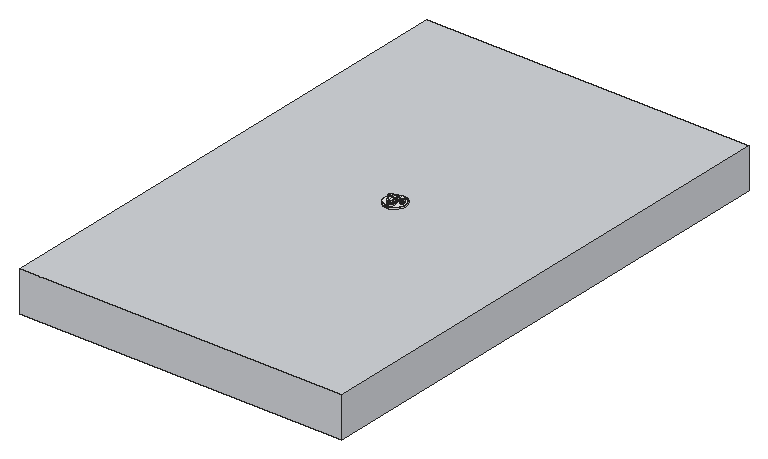
Revit family "Thermostatic_Trim-GROHE-GrohTherm_SmartControl-29138_Series", category Plumbing Fixtures, host Face, Revit 2018 (continued)
Automatic sketch dimensions
  plane 1 "Center (Front/Back)" to Extrusion 10 sketch curve = 0.05493"
  Extrusion 10 sketch curve to Extrusion 10 sketch curve = 0.08365"
  Extrusion 10 sketch curve to Extrusion 10 sketch curve = 0.08707"
  Extrusion 10 sketch curve to Extrusion 10 sketch curve = 0.09237"
  Extrusion 10 sketch curve to Extrusion 10 sketch curve = 0.09509"
  Extrusion 10 sketch curve to Extrusion 10 sketch curve = 0.09921"
  Extrusion 10 sketch curve to Extrusion 10 sketch curve = 0.10128"
  Extrusion 10 sketch curve to Extrusion 10 sketch curve = 0.10415"
  Extrusion 10 sketch curve to Extrusion 10 sketch curve = 0.10541"
  Extrusion 10 sketch curve to Extrusion 10 sketch curve = 0.10696"
  Extrusion 10 sketch curve to Extrusion 10 sketch curve = 0.10629"
  Extrusion 10 sketch curve to Extrusion 10 sketch curve = 0.10742"
  Extrusion 10 sketch curve to Extrusion 10 sketch curve = 0.09725"
  Extrusion 10 sketch curve to Extrusion 10 sketch curve = 0.09475"
  Extrusion 10 sketch curve to Extrusion 10 sketch curve = 0.08981"
  Extrusion 10 sketch curve to Extrusion 10 sketch curve = 0.08659"
  Extrusion 10 sketch curve to Extrusion 10 sketch curve = 0.08055"
  plane 15 to Extrusion 10 sketch curve = 0.05455"
  Extrusion 10 sketch curve to plane 15 = 0.04511"
  Extrusion 10 sketch curve to plane 15 = 0.05979"
  Extrusion 10 sketch curve to plane 15 = 0.07705"
  Extrusion 10 sketch curve to plane 15 = 0.09217"
  Extrusion 10 sketch curve to Extrusion 10 sketch curve = 0.13513"
  Extrusion 10 sketch curve to Extrusion 10 sketch curve = 0.00032"
  Extrusion 10 sketch curve to Extrusion 10 sketch curve = 0.01203"
  Extrusion 10 sketch curve to Extrusion 10 sketch curve = 0.01264"
  Extrusion 10 sketch curve to Extrusion 10 sketch curve = 0.02412"
  Extrusion 10 sketch curve to plane 16 = 0.01685"
  Extrusion 10 sketch curve to Extrusion 10 sketch curve = 0.02473"
  Extrusion 10 sketch curve to Extrusion 10 sketch curve = 0.03575"
  plane 16 to Extrusion 10 sketch curve = 0.06321"
  Extrusion 10 sketch curve to Extrusion 10 sketch curve = 0.04666"
  Extrusion 10 sketch curve to Extrusion 10 sketch curve = 0.0472"
  Extrusion 10 sketch curve to Extrusion 10 sketch curve = 0.05666"
  Extrusion 10 sketch curve to Extrusion 10 sketch curve = 0.05713"
  plane 1 "Center (Front/Back)" to Extrusion 10 sketch curve = 0.08411"
  Extrusion 10 sketch curve to Extrusion 10 sketch curve = 0.06594"
  plane 1 "Center (Front/Back)" to Extrusion 10 sketch curve = 0.03528"
  Extrusion 10 sketch curve to Extrusion 10 sketch curve = 0.07344"
  Extrusion 10 sketch curve to plane 1 "Center (Front/Back)" = 0.00281"
  Extrusion 10 sketch curve to Extrusion 10 sketch curve = 0.0795"
  Extrusion 10 sketch curve to plane 1 "Center (Front/Back)" = 0.02941"
  plane 15 to Extrusion 10 sketch curve = 0.06331"
  plane 15 to Extrusion 10 sketch curve = 0.05101"
  Extrusion 10 sketch curve to plane 1 "Center (Front/Back)" = 0.04399"
  plane 15 to Extrusion 10 sketch curve = 3/64"
  Extrusion 10 sketch curve to plane 1 "Center (Front/Back)" = 0.04625"
  plane 15 to Extrusion 10 sketch curve = 0.05305"
  Extrusion 10 sketch curve to plane 1 "Center (Front/Back)" = 0.03618"
  plane 15 to Extrusion 10 sketch curve = 0.07148"
  Extrusion 10 sketch curve to plane 1 "Center (Front/Back)" = 0.01393"
  Extrusion 10 sketch curve to Extrusion 10 sketch curve = 0.08252"
  plane 1 "Center (Front/Back)" to Extrusion 10 sketch curve = 0.02001"
  Extrusion 10 sketch curve to Extrusion 10 sketch curve = 0.07745"
  plane 1 "Center (Front/Back)" to Extrusion 10 sketch curve = 0.06501"
  Extrusion 10 sketch curve to Extrusion 10 sketch curve = 0.07086"
  Extrusion 10 sketch curve to Extrusion 10 sketch curve = 0.06847"
  Extrusion 10 sketch curve to Extrusion 10 sketch curve = 0.06285"
  Extrusion 10 sketch curve to Extrusion 10 sketch curve = 0.06005"
  Extrusion 10 sketch curve to Extrusion 10 sketch curve = 0.05361"
  Extrusion 10 sketch curve to Extrusion 10 sketch curve = 0.05045"
  plane 16 to Extrusion 10 sketch curve = 0.03444"
  Extrusion 10 sketch curve to Extrusion 10 sketch curve = 0.03984"
  Extrusion 10 sketch curve to plane 16 = 0.04739"
  Extrusion 10 sketch curve to Extrusion 10 sketch curve = 0.02846"
  Extrusion 10 sketch curve to Extrusion 10 sketch curve = 0.02033"
  Extrusion 10 sketch curve to Extrusion 10 sketch curve = 0.0165"
  plane 16 to Extrusion 12 sketch curve = 0.23165"
  Extrusion 12 sketch curve to plane 11 = 0.62505"
  Extrusion 12 sketch curve to Extrusion 12 sketch curve = 0.0072"
  Extrusion 12 sketch curve to Extrusion 12 sketch curve = 0.00796"
  Extrusion 12 sketch curve to Extrusion 12 sketch curve = 0.0222"
  plane 16 to Extrusion 12 sketch curve = 0.01895"
  Extrusion 12 sketch curve to Extrusion 12 sketch curve = 0.02296"
  Extrusion 12 sketch curve to Extrusion 12 sketch curve = 0.03679"
  Extrusion 12 sketch curve to plane 16 = 21/256"
  Extrusion 12 sketch curve to Extrusion 12 sketch curve = 0.03749"
  Extrusion 12 sketch curve to Extrusion 12 sketch curve = 0.05062"
  Extrusion 12 sketch curve to Extrusion 12 sketch curve = 0.0513"
  Extrusion 12 sketch curve to plane 1 "Center (Front/Back)" = 0.0845"
  Extrusion 12 sketch curve to Extrusion 12 sketch curve = 0.06348"
  Extrusion 12 sketch curve to Extrusion 12 sketch curve = 0.06407"
  Extrusion 12 sketch curve to plane 1 "Center (Front/Back)" = 0.00722"
  Extrusion 12 sketch curve to Extrusion 12 sketch curve = 0.07504"
  Extrusion 12 sketch curve to plane 15 = 0.09735"
  Extrusion 12 sketch curve to Extrusion 12 sketch curve = 0.07561"
  Extrusion 12 sketch curve to Extrusion 12 sketch curve = 0.08517"
  Extrusion 12 sketch curve to plane 15 = 0.03197"
  Extrusion 12 sketch curve to Extrusion 12 sketch curve = 0.08561"
  Extrusion 12 sketch curve to Extrusion 12 sketch curve = 0.09356"
  plane 15 to Extrusion 12 sketch curve = 0.02076"
  Extrusion 12 sketch curve to Extrusion 12 sketch curve = 0.09396"
  Extrusion 12 sketch curve to Extrusion 12 sketch curve = 0.10015"
  Extrusion 12 sketch curve to Extrusion 12 sketch curve = 0.1004"
  Extrusion 12 sketch curve to Extrusion 12 sketch curve = 0.10471"
  plane 15 to Extrusion 12 sketch curve = 0.02979"
  Extrusion 12 sketch curve to Extrusion 12 sketch curve = 0.10432"
  Extrusion 12 sketch curve to Extrusion 12 sketch curve = 0.08094"
  Extrusion 12 sketch curve to Extrusion 12 sketch curve = 0.10725"
  Extrusion 12 sketch curve to Extrusion 12 sketch curve = 0.09517"
  Extrusion 12 sketch curve to Extrusion 12 sketch curve = 0.10761"
  Extrusion 12 sketch curve to Extrusion 12 sketch curve = 0.10669"
  Extrusion 12 sketch curve to Extrusion 12 sketch curve = 0.10591"
  plane 15 to Extrusion 12 sketch curve = 0.04712"
  Extrusion 12 sketch curve to Extrusion 12 sketch curve = 0.10348"
  Extrusion 12 sketch curve to Extrusion 12 sketch curve = 0.10204"
  plane 15 to Extrusion 12 sketch curve = 0.00295"
  Extrusion 12 sketch curve to Extrusion 12 sketch curve = 0.09828"
  Extrusion 12 sketch curve to Extrusion 12 sketch curve = 0.09622"
  Extrusion 12 sketch curve to plane 17 = 0.07786"
  plane 1 "Center (Front/Back)" to Extrusion 12 sketch curve = 0.01839"
  Extrusion 12 sketch curve to plane 17 = 0.0508"
  plane 17 to Extrusion 12 sketch curve = 0.00429"
  plane 17 to Extrusion 12 sketch curve = 0.02815"
  plane 17 to Extrusion 12 sketch curve = 0.07581"
  plane 17 to Extrusion 12 sketch curve = 0.09602"
  Extrusion 12 sketch curve to Extrusion 12 sketch curve = 0.05953"
  Extrusion 12 sketch curve to Extrusion 12 sketch curve = 0.05547"
  Extrusion 12 sketch curve to plane 16 = 0.04562"
  Extrusion 12 sketch curve to Extrusion 12 sketch curve = 0.04633"
  Extrusion 12 sketch curve to Extrusion 12 sketch curve = 0.04195"
  plane 16 to Extrusion 12 sketch curve = 0.0572"
  Extrusion 12 sketch curve to Extrusion 12 sketch curve = 0.03224"
  Extrusion 12 sketch curve to Extrusion 12 sketch curve = 0.02762"
  Extrusion 12 sketch curve to Extrusion 12 sketch curve = 0.01749"
  Extrusion 12 sketch curve to Extrusion 12 sketch curve = 0.01273"
  plane 1 "Center (Front/Back)" to Extrusion 12 sketch curve = 0.05879"
  plane 1 "Center (Front/Back)" to Extrusion 12 sketch curve = 0.07989"
  Extrusion 12 sketch curve to Extrusion 12 sketch curve = 0.05339"
  Extrusion 12 sketch curve to Extrusion 12 sketch curve = 0.0485"
  Extrusion 12 sketch curve to Extrusion 12 sketch curve = 0.03974"
  Extrusion 12 sketch curve to Extrusion 12 sketch curve = 0.03451"
  Extrusion 12 sketch curve to Extrusion 12 sketch curve = 0.02529"
  Extrusion 12 sketch curve to Extrusion 12 sketch curve = 0.01986"
  Extrusion 12 sketch curve to Extrusion 12 sketch curve = 0.0048"
  Extrusion 12 sketch curve to plane 1 "Center (Front/Back)" = 0.05493"
  Extrusion 12 sketch curve to Extrusion 12 sketch curve = 0.08365"
  Extrusion 12 sketch curve to Extrusion 12 sketch curve = 0.08707"
  Extrusion 12 sketch curve to Extrusion 12 sketch curve = 0.09237"
  Extrusion 12 sketch curve to Extrusion 12 sketch curve = 0.09509"
  Extrusion 12 sketch curve to Extrusion 12 sketch curve = 0.09921"
  Extrusion 12 sketch curve to Extrusion 12 sketch curve = 0.10128"
  Extrusion 12 sketch curve to Extrusion 12 sketch curve = 0.10415"
  Extrusion 12 sketch curve to Extrusion 12 sketch curve = 0.10541"
  Extrusion 12 sketch curve to Extrusion 12 sketch curve = 0.10696"
  Extrusion 12 sketch curve to Extrusion 12 sketch curve = 0.10629"
  Extrusion 12 sketch curve to Extrusion 12 sketch curve = 0.10742"
  Extrusion 12 sketch curve to Extrusion 12 sketch curve = 0.09725"
  Extrusion 12 sketch curve to Extrusion 12 sketch curve = 0.09475"
  Extrusion 12 sketch curve to Extrusion 12 sketch curve = 0.08981"
  Extrusion 12 sketch curve to Extrusion 12 sketch curve = 0.08659"
  Extrusion 12 sketch curve to Extrusion 12 sketch curve = 0.08055"
  Extrusion 12 sketch curve to plane 15 = 0.05455"
  plane 15 to Extrusion 12 sketch curve = 0.04511"
  plane 15 to Extrusion 12 sketch curve = 0.05979"
  plane 15 to Extrusion 12 sketch curve = 0.07705"
  plane 15 to Extrusion 12 sketch curve = 0.09217"
  Extrusion 12 sketch curve to Extrusion 12 sketch curve = 0.14232"
  Extrusion 12 sketch curve to Extrusion 12 sketch curve = 0.00032"
  Extrusion 12 sketch curve to Extrusion 12 sketch curve = 0.01203"
  Extrusion 12 sketch curve to Extrusion 12 sketch curve = 0.01264"
  Extrusion 12 sketch curve to Extrusion 12 sketch curve = 0.02412"
  plane 16 to Extrusion 12 sketch curve = 0.01685"
  Extrusion 12 sketch curve to Extrusion 12 sketch curve = 0.02473"
  Extrusion 12 sketch curve to Extrusion 12 sketch curve = 0.03575"
  Extrusion 12 sketch curve to plane 16 = 0.06321"
  Extrusion 12 sketch curve to Extrusion 12 sketch curve = 0.04666"
  Extrusion 12 sketch curve to Extrusion 12 sketch curve = 0.0472"
  Extrusion 12 sketch curve to Extrusion 12 sketch curve = 0.05666"
  Extrusion 12 sketch curve to Extrusion 12 sketch curve = 0.05713"
  Extrusion 12 sketch curve to plane 1 "Center (Front/Back)" = 0.08411"
  Extrusion 12 sketch curve to Extrusion 12 sketch curve = 0.06594"
  Extrusion 12 sketch curve to plane 1 "Center (Front/Back)" = 0.03528"
  Extrusion 12 sketch curve to Extrusion 12 sketch curve = 0.07344"
  plane 1 "Center (Front/Back)" to Extrusion 12 sketch curve = 0.00281"
  Extrusion 12 sketch curve to Extrusion 12 sketch curve = 0.0795"
  plane 1 "Center (Front/Back)" to Extrusion 12 sketch curve = 0.02941"
  Extrusion 12 sketch curve to plane 15 = 0.06331"
  Extrusion 12 sketch curve to plane 15 = 0.05101"
  plane 1 "Center (Front/Back)" to Extrusion 12 sketch curve = 0.04399"
  Extrusion 12 sketch curve to plane 15 = 3/64"
  plane 1 "Center (Front/Back)" to Extrusion 12 sketch curve = 0.04625"
  Extrusion 12 sketch curve to plane 15 = 0.05305"
  plane 1 "Center (Front/Back)" to Extrusion 12 sketch curve = 0.03618"
  Extrusion 12 sketch curve to plane 15 = 0.07148"
  plane 1 "Center (Front/Back)" to Extrusion 12 sketch curve = 0.01393"
  Extrusion 12 sketch curve to Extrusion 12 sketch curve = 0.08252"
  Extrusion 12 sketch curve to plane 1 "Center (Front/Back)" = 0.02001"
  Extrusion 12 sketch curve to Extrusion 12 sketch curve = 0.07745"
  Extrusion 12 sketch curve to plane 1 "Center (Front/Back)" = 0.06501"
  Extrusion 12 sketch curve to Extrusion 12 sketch curve = 0.07086"
  Extrusion 12 sketch curve to Extrusion 12 sketch curve = 0.06847"
  Extrusion 12 sketch curve to plane 17 = 0.06392"
  Extrusion 12 sketch curve to plane 17 = 0.04589"
  Extrusion 12 sketch curve to plane 17 = 0.01031"
  plane 17 to Extrusion 12 sketch curve = 0.00456"
  plane 17 to Extrusion 12 sketch curve = 0.03299"
  plane 17 to Extrusion 12 sketch curve = 0.0444"
  plane 16 to Extrusion 12 sketch curve = 0.04739"
  plane 17 to Extrusion 12 sketch curve = 0.07287"
  plane 17 to Extrusion 12 sketch curve = 0.08546"
  Extrusion 12 sketch curve to Extrusion 12 sketch curve = 0.0165"
  Extrusion 14 sketch curve to plane 3 "Center (Left/Right)" = 0"
  Extrusion 14 sketch curve to plane 3 "Center (Left/Right)" = 0.01977"
  Extrusion 14 sketch curve to plane 3 "Center (Left/Right)" = 0.04131"
  Extrusion 14 sketch curve to plane 5 = 0.02851"
  Extrusion 14 sketch curve to plane 5 = 0.02373"
  plane 5 to Extrusion 14 sketch curve = 0.07582"
  plane 5 to Extrusion 14 sketch curve = 0.08098"
  plane 15 to Extrusion 14 sketch curve = 0.02076"
  Extrusion 14 sketch curve to Extrusion 14 sketch curve = 0.1004"
  Extrusion 14 sketch curve to Extrusion 14 sketch curve = 0.10015"
  Extrusion 14 sketch curve to Extrusion 14 sketch curve = 0.09396"
  plane 1 "Center (Front/Back)" to Extrusion 14 sketch curve = 0.05879"
  Extrusion 14 sketch curve to Extrusion 14 sketch curve = 0.09356"
  Extrusion 14 sketch curve to Extrusion 14 sketch curve = 0.08561"
  Extrusion 14 sketch curve to plane 1 "Center (Front/Back)" = 0.00722"
  Extrusion 14 sketch curve to Extrusion 14 sketch curve = 0.08517"
  Extrusion 14 sketch curve to Extrusion 14 sketch curve = 0.07561"
  Extrusion 14 sketch curve to Extrusion 14 sketch curve = 0.07504"
  Extrusion 14 sketch curve to Extrusion 14 sketch curve = 0.06407"
  Extrusion 14 sketch curve to Extrusion 14 sketch curve = 0.06348"
  Extrusion 14 sketch curve to Extrusion 14 sketch curve = 0.0513"
  Extrusion 14 sketch curve to Extrusion 14 sketch curve = 0.05062"
  plane 16 to Extrusion 14 sketch curve = 0.01895"
  Extrusion 14 sketch curve to Extrusion 14 sketch curve = 0.03749"
  Extrusion 14 sketch curve to Extrusion 14 sketch curve = 0.03679"
  Extrusion 14 sketch curve to Extrusion 14 sketch curve = 0.02296"
  Extrusion 14 sketch curve to Extrusion 14 sketch curve = 0.0222"
  Extrusion 14 sketch curve to Extrusion 14 sketch curve = 0.00796"
  plane 3 "Center (Left/Right)" to Extrusion 14 sketch curve = 0.05386"
  Extrusion 14 sketch curve to plane 6 = 0.06291"
  plane 6 to Extrusion 14 sketch curve = 0.00979"
  plane 6 to Extrusion 14 sketch curve = 0.043"
  plane 15 to Extrusion 14 sketch curve = 0.04712"
  Extrusion 14 sketch curve to Extrusion 14 sketch curve = 0.10348"
  Extrusion 14 sketch curve to Extrusion 14 sketch curve = 0.10204"
  plane 15 to Extrusion 14 sketch curve = 0.00295"
  Extrusion 14 sketch curve to Extrusion 14 sketch curve = 0.09828"
  Extrusion 14 sketch curve to Extrusion 14 sketch curve = 0.09622"
  Extrusion 14 sketch curve to Extrusion 14 sketch curve = 0.09109"
  plane 1 "Center (Front/Back)" to Extrusion 14 sketch curve = 0.01839"
  Extrusion 14 sketch curve to Extrusion 14 sketch curve = 0.08844"
  Extrusion 14 sketch curve to Extrusion 14 sketch curve = 0.08214"
  Extrusion 14 sketch curve to Extrusion 14 sketch curve = 0.07896"
  Extrusion 14 sketch curve to Extrusion 14 sketch curve = 0.07152"
  Extrusion 14 sketch curve to Extrusion 14 sketch curve = 0.06787"
  Extrusion 14 sketch curve to Extrusion 14 sketch curve = 0.05953"
  Extrusion 14 sketch curve to Extrusion 14 sketch curve = 0.05547"
  Extrusion 14 sketch curve to plane 16 = 0.04562"
  Extrusion 14 sketch curve to Extrusion 14 sketch curve = 0.04633"
  Extrusion 14 sketch curve to Extrusion 14 sketch curve = 0.04195"
  plane 16 to Extrusion 14 sketch curve = 0.0572"
  Extrusion 14 sketch curve to Extrusion 14 sketch curve = 0.03224"
  Extrusion 14 sketch curve to Extrusion 14 sketch curve = 0.02762"
  Extrusion 14 sketch curve to Extrusion 14 sketch curve = 0.01749"
  Extrusion 14 sketch curve to Extrusion 14 sketch curve = 0.01273"
  plane 1 "Center (Front/Back)" to Extrusion 14 sketch curve = 0.07989"
  Extrusion 14 sketch curve to Extrusion 14 sketch curve = 0.05339"
  Extrusion 14 sketch curve to Extrusion 14 sketch curve = 0.0485"
  Extrusion 14 sketch curve to Extrusion 14 sketch curve = 0.03974"
  Extrusion 14 sketch curve to Extrusion 14 sketch curve = 0.03451"
  Extrusion 14 sketch curve to Extrusion 14 sketch curve = 0.02529"
  Extrusion 14 sketch curve to Extrusion 14 sketch curve = 0.01986"
  Extrusion 14 sketch curve to Extrusion 14 sketch curve = 0.0048"
  Extrusion 14 sketch curve to plane 1 "Center (Front/Back)" = 0.05493"
  Extrusion 14 sketch curve to plane 1 "Center (Front/Back)" = 0.0845"
  Extrusion 14 sketch curve to Extrusion 14 sketch curve = 0.08365"
  Extrusion 14 sketch curve to Extrusion 14 sketch curve = 0.08707"
  Extrusion 14 sketch curve to Extrusion 14 sketch curve = 0.09237"
  Extrusion 14 sketch curve to Extrusion 14 sketch curve = 0.09509"
  Extrusion 14 sketch curve to Extrusion 14 sketch curve = 0.09921"
  Extrusion 14 sketch curve to Extrusion 14 sketch curve = 0.10128"
  Extrusion 14 sketch curve to Extrusion 14 sketch curve = 0.10415"
  Extrusion 14 sketch curve to Extrusion 14 sketch curve = 0.10541"
  Extrusion 14 sketch curve to Extrusion 14 sketch curve = 0.10696"
  Extrusion 14 sketch curve to Extrusion 14 sketch curve = 0.10751"
  Extrusion 14 sketch curve to Extrusion 14 sketch curve = 0.10629"
  Extrusion 14 sketch curve to Extrusion 14 sketch curve = 0.10742"
  Extrusion 14 sketch curve to plane 16 = 21/256"
  Extrusion 14 sketch curve to Extrusion 14 sketch curve = 0.09725"
  Extrusion 14 sketch curve to Extrusion 14 sketch curve = 0.09475"
  Extrusion 14 sketch curve to Extrusion 14 sketch curve = 0.08981"
  Extrusion 14 sketch curve to Extrusion 14 sketch curve = 0.08659"
  Extrusion 14 sketch curve to Extrusion 14 sketch curve = 0.08055"
  Extrusion 14 sketch curve to plane 15 = 0.09735"
  Extrusion 14 sketch curve to plane 15 = 0.05455"
  Extrusion 14 sketch curve to plane 15 = 0.03197"
  plane 15 to Extrusion 14 sketch curve = 0.02979"
  plane 15 to Extrusion 14 sketch curve = 0.04511"
  plane 15 to Extrusion 14 sketch curve = 0.05979"
  plane 15 to Extrusion 14 sketch curve = 0.07705"
  plane 15 to Extrusion 14 sketch curve = 0.09217"
  Extrusion 14 sketch curve to plane 3 "Center (Left/Right)" = 0.06004"
  Extrusion 14 sketch curve to plane 3 "Center (Left/Right)" = 0.07178"
  Extrusion 14 sketch curve to plane 5 = 0.00832"
  Extrusion 14 sketch curve to plane 5 = 0.00402"
  plane 5 to Extrusion 14 sketch curve = 0.07565"
  plane 1 "Center (Front/Back)" to Extrusion 14 sketch curve = 0.00281"
  plane 5 to Extrusion 14 sketch curve = 0.07977"
  Extrusion 14 sketch curve to Extrusion 14 sketch curve = 0.0795"
  Extrusion 14 sketch curve to plane 1 "Center (Front/Back)" = 0.03528"
  Extrusion 14 sketch curve to Extrusion 14 sketch curve = 0.07344"
  Extrusion 14 sketch curve to plane 1 "Center (Front/Back)" = 0.08411"
  Extrusion 14 sketch curve to Extrusion 14 sketch curve = 0.06594"
  Extrusion 14 sketch curve to Extrusion 14 sketch curve = 0.06552"
  Extrusion 14 sketch curve to Extrusion 14 sketch curve = 0.05713"
  Extrusion 14 sketch curve to Extrusion 14 sketch curve = 0.05666"
  Extrusion 14 sketch curve to plane 16 = 0.06321"
  Extrusion 14 sketch curve to Extrusion 14 sketch curve = 0.0472"
  Extrusion 14 sketch curve to Extrusion 14 sketch curve = 0.04666"
  plane 16 to Extrusion 14 sketch curve = 0.01685"
  Extrusion 14 sketch curve to Extrusion 14 sketch curve = 0.03575"
  Extrusion 14 sketch curve to Extrusion 14 sketch curve = 0.02473"
  Extrusion 14 sketch curve to Extrusion 14 sketch curve = 0.02412"
  Extrusion 14 sketch curve to Extrusion 14 sketch curve = 0.01264"
  plane 3 "Center (Left/Right)" to Extrusion 14 sketch curve = 0.02784"
  Extrusion 14 sketch curve to plane 15 = 0.05305"
  Extrusion 14 sketch curve to plane 6 = 0.03558"
  plane 6 to Extrusion 14 sketch curve = 0.0229"
  plane 1 "Center (Front/Back)" to Extrusion 14 sketch curve = 0.01393"
  Extrusion 14 sketch curve to Extrusion 14 sketch curve = 0.08252"
  Extrusion 14 sketch curve to plane 1 "Center (Front/Back)" = 0.02001"
  Extrusion 14 sketch curve to Extrusion 14 sketch curve = 0.07745"
  Extrusion 14 sketch curve to plane 1 "Center (Front/Back)" = 0.06501"
  Extrusion 14 sketch curve to Extrusion 14 sketch curve = 0.07086"
  Extrusion 14 sketch curve to Extrusion 14 sketch curve = 0.06847"
  Extrusion 14 sketch curve to Extrusion 14 sketch curve = 0.06285"
  Extrusion 14 sketch curve to Extrusion 14 sketch curve = 0.06005"
  Extrusion 14 sketch curve to Extrusion 14 sketch curve = 0.05361"
  Extrusion 14 sketch curve to Extrusion 14 sketch curve = 0.05045"
  Extrusion 14 sketch curve to plane 16 = 0.03444"
  Extrusion 14 sketch curve to Extrusion 14 sketch curve = 0.03984"
  plane 16 to Extrusion 14 sketch curve = 0.04739"
  Extrusion 14 sketch curve to Extrusion 14 sketch curve = 0.02846"
  Extrusion 14 sketch curve to Extrusion 14 sketch curve = 0.02033"
  Extrusion 14 sketch curve to Extrusion 14 sketch curve = 0.0165"
  curve 64 to curve 65 = 0"  (x2)
  plane 11 to curve 6 = 0"
  curve 108 to plane 4 = 0"
  curve 64 to plane 3 "Center (Left/Right)" = 0"
  curve 75 to plane 3 "Center (Left/Right)" = 0"
  curve 6 to plane 10 = 0"
  curve 91 to plane 11 = 0.76598"
  curve 88 to curve 92 = 0.09198"
  plane 17 to curve 87 = 3/32"
  plane 5 to curve 87 = 0.47425"
  curve 41 to curve 42 = 0.09198"
  curve 65 to curve 47 = 0.09198"
  curve 71 to curve 5 = 0.19934"
  curve 21 to plane 10 = 0.85796"
  curve 15 to plane 10 = 0.76598"
  curve 16 to curve 16 = 0.09198"
  curve 64 to level = 2.45352"
  curve 15 to curve 15 = 0.15091"
  curve 42 to plane 7 = 0.57247"
  curve 91 to plane 7 = 0.57247"
  curve 16 to plane 7 = 0.57247"
  curve 43 to curve 48 = 0.0531"
  curve 16 to curve 21 = 0.0531"
  curve 75 to plane 7 = 0.51937"
  curve 88 to curve 92 = 0.0531"
  curve 88 to curve 108 = 0"
  curve 88 to curve 90 = 0"
  curve 89 to curve 108 = 0"
  curve 90 to curve 107 = 0.07776"
  curve 107 to curve 106 = 0.07815"
  curve 106 to curve 105 = 0.07815"
  curve 105 to curve 104 = 0.07815"
  curve 104 to curve 103 = 0.07815"
  curve 103 to curve 102 = 0.07815"
  curve 102 to curve 101 = 0.07815"
  curve 101 to curve 100 = 0.07815"
  curve 100 to curve 99 = 0.07815"
  curve 99 to curve 98 = 0.07815"
  curve 98 to curve 97 = 0.07815"
  curve 97 to curve 96 = 0.07815"
  curve 96 to curve 95 = 0.07815"
  curve 94 to plane 17 = 0.06255"
  plane 17 to curve 92 = 0.00177"
  plane 17 to curve 93 = 0.0156"
  curve 93 to curve 90 = 0.07815"
  curve 93 to curve 89 = 0.07815"
  curve 91 to curve 90 = 0"
  plane 17 to curve 3 = 0.23498"
  plane 17 to curve 86 = 0.23498"
  curve 3 to curve 4 = 0"  (x2)
  curve 4 to curve 70 = 0.0138"
  curve 70 to curve 85 = 0.04432"
  curve 85 to curve 84 = 0"
  curve 70 to curve 69 = 0.07815"
  curve 2 to plane 7 = 0.02601"
  curve 69 to curve 2 = 0.02482"
  curve 69 to curve 68 = 0.07815"
  curve 68 to curve 67 = 0.07815"
  curve 67 to curve 66 = 0.07815"
  curve 66 to curve 83 = 0.07815"
  curve 45 to curve 63 = 0.07776"
  curve 83 to curve 82 = 0.07815"
  curve 63 to curve 62 = 0.07815"
  curve 82 to curve 81 = 0.07815"
  curve 62 to curve 61 = 0.07815"
  curve 81 to curve 80 = 0.07815"
  curve 61 to curve 60 = 0.07815"
  curve 80 to curve 75 = 0.02698"
  plane 5 to curve 14 = 0.0999"
  curve 60 to curve 59 = 0.07815"
  plane 5 to curve 13 = 0.02176"
  plane 5 to curve 58 = 0.00574"
  curve 12 to plane 5 = 0.05639"
  curve 57 to plane 5 = 0.07241"
  curve 11 to plane 3 "Center (Left/Right)" = 0.01621"
  curve 56 to plane 3 "Center (Left/Right)" = 0.0002"
  plane 3 "Center (Left/Right)" to curve 10 = 0.06194"
  curve 55 to plane 6 = 0.0728"
  curve 9 to plane 6 = 0.01066"
  plane 6 to curve 54 = 0.00535"
  plane 6 to curve 8 = 0.06749"
  curve 54 to curve 53 = 0.07815"
  curve 8 to curve 7 = 0.07815"
  curve 53 to curve 52 = 0.07815"
  curve 7 to curve 79 = 0.07815"
  curve 52 to curve 51 = 0.07815"
  curve 79 to curve 78 = 0.07815"
  curve 51 to curve 50 = 0.07815"
  curve 64 to curve 44 = 0.01739"
  curve 78 to curve 77 = 0.07815"
  curve 50 to curve 49 = 0.07815"
  curve 76 to curve 43 = 0.01601"
  curve 73 to curve 40 = 0.06214"
  curve 40 to curve 39 = 0.07815"
  curve 39 to curve 38 = 0.07815"
  curve 38 to curve 2 = 0.0076"
  curve 37 to curve 73 = 0.04621"
  curve 37 to curve 4 = 0.04621"
  curve 73 to curve 19 = 0.14123"
  curve 20 to curve 19 = 0"
  curve 19 to curve 22 = 0.07815"
  curve 20 to curve 21 = 0.09198"
  curve 22 to curve 23 = 0.07815"
  curve 23 to curve 24 = 0.07815"
  curve 24 to curve 25 = 0.07815"
  curve 25 to curve 26 = 0.07815"
  curve 26 to curve 27 = 0.07815"
  curve 27 to curve 28 = 0.07815"
  curve 28 to curve 29 = 0.07815"
  curve 29 to curve 30 = 0.07815"
  curve 30 to curve 31 = 0.07815"
  curve 31 to curve 32 = 0.07815"
  curve 32 to curve 33 = 0.07815"
  curve 33 to curve 34 = 0.07815"
  curve 34 to curve 35 = 0.07815"
  curve 35 to curve 36 = 0.07815"
  curve 16 to curve 19 = 0"
  curve 6 to plane 4 = 0.09472"
  plane 4 to curve 60 = 0.15091"
  plane 4 to curve 107 = 0.15091"
  curve 45 to curve 71 = 0.17623"
  curve 45 to curve 84 = 0.17623"
  curve 71 to curve 72 = 0.03589"
  curve 84 to curve 85 = 0.03589"
  curve 72 to curve 40 = 0.09136"
  curve 85 to curve 68 = 0.09136"
  curve 27 to curve 21 = 0.10564"
  curve 90 to curve 91 = 0.05253"
  curve 49 to curve 76 = 0.06178"
  curve 10 to curve 10 = 0.0401"
  curve 4 to curve 3 = 0.03991"
  Revolve 3 sketch curve to plane 13 = 0"  (x3)
  Revolve 3 sketch curve to plane 7 = 0"
  Revolve 3 sketch curve to plane 14 = 0"  (x3)
  Revolve 3 sketch curve to Revolve 3 sketch curve = 0.05807"
  Revolve 3 sketch curve to plane 7 = 0.02601"
  Revolve 3 sketch curve to Revolve 3 sketch curve = 0.11672"
  Revolve 3 sketch curve to plane 4 = 0.09472"
  plane 4 to Revolve 3 sketch curve = 0.32714"
  Revolve 3 sketch curve to Revolve 3 sketch curve = 0.03589"
  plane 4 to Revolve 3 sketch curve = 0.4544"
  Revolve 3 sketch curve to Revolve 3 sketch curve = 0.18269"
  Revolve 3 sketch curve to Revolve 3 sketch curve = 0.03996"
  Revolve 3 sketch curve to Revolve 3 sketch curve = 0.32959"
  Revolve 3 sketch curve to Revolve 3 sketch curve = 0.15336"
  Masking region 1 sketch curve to level = 0"
  plane 11 to Masking region 1 sketch curve = 0"
  Masking region 1 sketch curve to plane 4 = 0"  (x4)
  Masking region 1 sketch curve to plane 3 "Center (Left/Right)" = 0"
  Masking region 1 sketch curve to plane 10 = 0"
  Masking region 1 sketch curve to plane 11 = 0.09472"
  Masking region 1 sketch curve to Masking region 1 sketch curve = 0.67126"
  Masking region 1 sketch curve to Masking region 1 sketch curve = 0.09198"  (x3)
  Masking region 1 sketch curve to plane 17 = 17/32"
  plane 17 to Masking region 1 sketch curve = 0.00177"
  plane 17 to Masking region 1 sketch curve = 3/32"
  Masking region 1 sketch curve to Masking region 1 sketch curve = 0.14123"  (x2)
  Masking region 1 sketch curve to Masking region 1 sketch curve = 0"  (x2)
  Masking region 1 sketch curve to Masking region 1 sketch curve = 0.05812"
  Masking region 1 sketch curve to plane 7 = 0.02601"  (x2)
  Masking region 1 sketch curve to Masking region 1 sketch curve = 0.11676"  (x2)
  plane 4 to Masking region 1 sketch curve = 0.36303"
  plane 6 to Masking region 1 sketch curve = 0.75893"
  Masking region 1 sketch curve to plane 7 = 0.51937"  (x2)
  Masking region 1 sketch curve to plane 10 = 1.39098"
  Masking region 1 sketch curve to plane 10 = 0.09472"
  Masking region 1 sketch curve to level = 2.45352"  (x2)
  Masking region 1 sketch curve to Masking region 1 sketch curve = 9.67529"
  Masking region 1 sketch curve to plane 4 = 0.09472"  (x2)
  Masking region 1 sketch curve to Masking region 1 sketch curve = 0.03589"  (x2)
  plane 4 to Masking region 1 sketch curve = 0.32714"
  Masking region 1 sketch curve to Masking region 1 sketch curve = 0.0531"  (x3)
  Masking region 1 sketch curve to Masking region 1 sketch curve = 0.37699"
  Masking region 1 sketch curve to plane 7 = 0.57247"
  Masking region 1 sketch curve to plane 7 = 0.14277"  (x2)
  Revolve 9 sketch curve to plane 7 = 0"
  plane 1 "Center (Front/Back)" to Revolve 9 sketch curve = 3/64"  (x2)
  Revolve 9 sketch curve to plane 1 "Center (Front/Back)" = 0.0451"
  plane 16 to Revolve 9 sketch curve = 15/64"  (x3)
  Revolve 9 sketch curve to Revolve 9 sketch curve = 0.48227"
  Revolve 9 sketch curve to Revolve 9 sketch curve = 0.0371"
  Revolve 9 sketch curve to Revolve 9 sketch curve = 0.0531"
  Revolve 9 sketch curve to Revolve 9 sketch curve = 0.14274"
  plane 4 to Revolve 9 sketch curve = 0.15091"
  Revolve 9 sketch curve to plane 4 = 0.09472"
  plane 7 to Revolve 9 sketch curve = 0.26429"
  Revolve 11 sketch curve to plane 7 = 0"
  plane 1 "Center (Front/Back)" to Revolve 11 sketch curve = 3/64"  (x2)
  Revolve 11 sketch curve to plane 1 "Center (Front/Back)" = 0.0451"
  plane 16 to Revolve 11 sketch curve = 15/64"  (x3)
  Revolve 11 sketch curve to Revolve 11 sketch curve = 0.48227"
  Revolve 11 sketch curve to Revolve 11 sketch curve = 0.0371"
  Revolve 11 sketch curve to Revolve 11 sketch curve = 0.0531"
  Revolve 11 sketch curve to Revolve 11 sketch curve = 0.14274"
  plane 4 to Revolve 11 sketch curve = 0.15091"
  Revolve 11 sketch curve to plane 4 = 0.09472"
  plane 7 to Revolve 11 sketch curve = 0.26429"
  Revolve 13 sketch curve to plane 7 = 0"
  plane 1 "Center (Front/Back)" to Revolve 13 sketch curve = 3/64"  (x2)
  Revolve 13 sketch curve to plane 1 "Center (Front/Back)" = 0.0451"
  plane 16 to Revolve 13 sketch curve = 15/64"  (x3)
  Revolve 13 sketch curve to Revolve 13 sketch curve = 0.48227"
  Revolve 13 sketch curve to Revolve 13 sketch curve = 0.0371"
  Revolve 13 sketch curve to Revolve 13 sketch curve = 0.0531"
  Revolve 13 sketch curve to Revolve 13 sketch curve = 0.14274"
  plane 4 to Revolve 13 sketch curve = 0.15091"
  Revolve 13 sketch curve to plane 4 = 0.09472"
  plane 7 to Revolve 13 sketch curve = 0.26429"
  Revolve 15 sketch curve to level = 0"
  Revolve 15 sketch curve to plane 1 "Center (Front/Back)" = 0"  (x2)
  Revolve 15 sketch curve to plane 4 = 0"
  Revolve 15 sketch curve to plane 9 = 0"
  Revolve 15 sketch curve to plane 9 = 0.09472"
  Revolve 15 sketch curve to plane 4 = 0.09472"
  plane 7 to Revolve 15 sketch curve = 0.49142"
  Revolve 15 sketch curve to Revolve 15 sketch curve = 0.19608"
  radius of Extrusion 7 sketch curve = 0.30299"
Connectors (in)
  piping at (-0.81362, 0, 0), diameter 0.5, driven by "Hot Water Connection Diameter", driven by "HWFU"
    settings: on Extrusion 2, index 1, connector inside diameter 24", connector length 0", flow factor 0, pipe flow 0 GPM, pressure drop 0.00 psi, fitting loss kfactor 0, connector angle 0.00°, fixture units 3, engagement length 0", angle of deflection 0.00°, flow configuration 3, flow direction 1, fitting loss method 0, system type 19, joint type 0, gender type 0, connector reference index -1, connector utility 0, adjustable connector no, is connector primary yes, connector description "1/2\" NPT HW Inlet"
  piping at (0.81362, 0, 0), diameter 0.5, driven by "Cold Water Connection Diameter", driven by "CWFU"
    settings: on Extrusion 2, index 2, connector inside diameter 24", connector length 0", flow factor 0, pipe flow 0 GPM, pressure drop 0.00 psi, fitting loss kfactor 0, connector angle 0.00°, fixture units 3, engagement length 0", angle of deflection 0.00°, flow configuration 3, flow direction 1, fitting loss method 0, system type 20, joint type 0, gender type 0, connector reference index -1, connector utility 0, adjustable connector no, is connector primary no, connector description "1/2\" NPT CW Inlet"
Types (5): name | Product Page URL | Model | Material | Finish
  29138000 | "https://www.grohe.us/Thermostatic-Valves-Trims/Triple-Function-Thermostatic-Valve-Trim/GROHE-CHROME-29138000" | "29138000" | "Metal-Grohe-000-StarLight Chrome" | Metal-Grohe-000-StarLight Chrome
  29138EN0 | "https://www.grohe.us/Thermostatic-Valves-Trims/Triple-Function-Thermostatic-Valve-Trim/GROHE-BRUSHED-NICKEL-29138EN0" | "29138EN0" | "Metal-Grohe-EN0-Brushed Nickel Infinity Finish" | Metal-Grohe-EN0-Brushed Nickel Infinity Finish
  29138A00 | "https://www.grohe.us/Thermostatic-Valves-Trims/Triple-Function-Thermostatic-Valve-Trim/GROHE-HARD-GRAPHITE-29138A00" | "29138A00" | "Metal-Grohe-A00-Hard Graphite" | Metal-Grohe-A00-Hard Graphite
  29138BE0 | "https://www.grohe.us/Thermostatic-Valves-Trims/Triple-Function-Thermostatic-Valve-Trim/GROHE-POLISHED-NICKEL-29138BE0" | "29138BE0" | "Metal-Grohe-BE0-Polished Nickel Infinity Finish" | Metal-Grohe-BE0-Polished Nickel Infinity Finish
  29138GN0 | "https://www.grohe.us/Thermostatic-Valves-Trims/Triple-Function-Thermostatic-Valve-Trim/GROHE-BRUSHED-COOL-SUNRISE-29138GN0" | "29138GN0" | "Metal-Grohe-GN0-Brushed Cool Sunrise" | Metal-Grohe-GN0-Brushed Cool Sunrise
